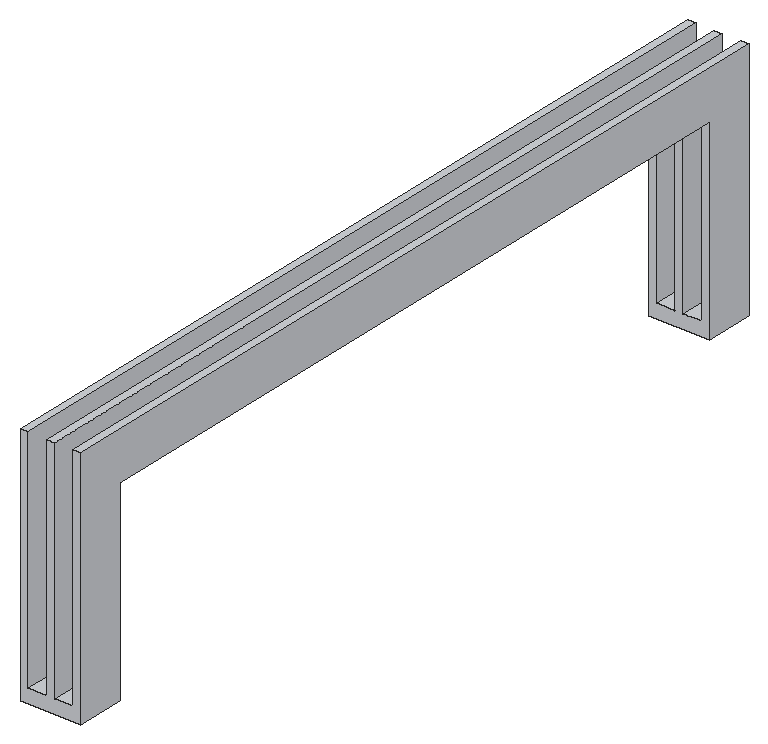
Revit family "LL03_R2016", category Generic Models, Revit 2016
Family settings
  Part Type = Normal
  Can host rebar = No
  Round Connector Dimension = Use Diameter
  OmniClass Number = 23.45.00.00
  OmniClass Title = Sanitary, Laundry, and Cleaning Equipment
  Work Plane-Based = No
  Always vertical = Yes
  Cut with Voids When Loaded = No
  Shared = No
  Room Calculation Point = No
Parameters
  Tube Length [instance] = 990 mm
  Length [instance] = 1200 mm
  Height = 350 mm
Reference planes
  plane 1: z = 0
  plane 2: z = 350
  plane 3: y = -26.341
  plane 4: y = -626.341
  plane 5: y = 573.659
Forms (mm)
  Extrusion 1, solid, not visible
    sketch origin (0, 0, 0) x (1, 0, 0) y (0, 1, 0)
      loop
        line (-495, -20) -> (-495, -31) -> (495, -31) -> (495, -20) -> (-495, -20)
    from 300 to 370
  Extrusion 2, solid, not visible
    sketch origin (0, 0, 0) x (1, 0, 0) y (0, 1, 0)
      loop
        line (-495, -20) -> (-495, -31) -> (495, -31) -> (495, -20) -> (-495, -20)
    from 300 to 370
  Extrusion 3, solid, not visible
    sketch origin (0, -24, 0) x (1, 0, 0) y (0, 1, 0)
      loop
        line (-495, -20) -> (-495, -31) -> (495, -31) -> (495, -20) -> (-495, -20)
    from 300 to 370
  Extrusion 4, solid, not visible
    sketch origin (0, -48, 0) x (1, 0, 0) y (0, 1, 0)
      loop
        line (-495, -20) -> (-495, -31) -> (495, -31) -> (495, -20) -> (-495, -20)
    from 300 to 370
  Extrusion 5, solid, not visible
    sketch origin (0, -72, 0) x (1, 0, 0) y (0, 1, 0)
      loop
        line (-495, -20) -> (-495, -31) -> (495, -31) -> (495, -20) -> (-495, -20)
    from 300 to 370
  Extrusion 6, solid, not visible
    sketch origin (0, -96, 0) x (1, 0, 0) y (0, 1, 0)
      loop
        line (-495, -20) -> (-495, -31) -> (495, -31) -> (495, -20) -> (-495, -20)
    from 300 to 370
  Extrusion 7, solid, not visible
    sketch origin (0, -120, 0) x (1, 0, 0) y (0, 1, 0)
      loop
        line (-495, -20) -> (-495, -31) -> (495, -31) -> (495, -20) -> (-495, -20)
    from 300 to 370
  Extrusion 8, solid, not visible
    sketch origin (0, -144, 0) x (1, 0, 0) y (0, 1, 0)
      loop
        line (-495, -20) -> (-495, -31) -> (495, -31) -> (495, -20) -> (-495, -20)
    from 300 to 370
  Extrusion 9, solid, not visible
    sketch origin (0, -168, 0) x (1, 0, 0) y (0, 1, 0)
      loop
        line (-495, -20) -> (-495, -31) -> (495, -31) -> (495, -20) -> (-495, -20)
    from 300 to 370
  Extrusion 10, solid, not visible
    sketch origin (0, -192, 0) x (1, 0, 0) y (0, 1, 0)
      loop
        line (-495, -20) -> (-495, -31) -> (495, -31) -> (495, -20) -> (-495, -20)
    from 300 to 370
  Extrusion 11, solid, not visible
    sketch origin (0, -216, 0) x (1, 0, 0) y (0, 1, 0)
      loop
        line (-495, -20) -> (-495, -31) -> (495, -31) -> (495, -20) -> (-495, -20)
    from 300 to 370
  Extrusion 12, solid, not visible
    sketch origin (0, -240, 0) x (1, 0, 0) y (0, 1, 0)
      loop
        line (-495, -20) -> (-495, -31) -> (495, -31) -> (495, -20) -> (-495, -20)
    from 300 to 370
  Extrusion 13, solid, not visible
    sketch origin (0, -264, 0) x (1, 0, 0) y (0, 1, 0)
      loop
        line (-495, -20) -> (-495, -31) -> (495, -31) -> (495, -20) -> (-495, -20)
    from 300 to 370
  Extrusion 14, solid, not visible
    sketch origin (0, -288, 0) x (1, 0, 0) y (0, 1, 0)
      loop
        line (-495, -20) -> (-495, -31) -> (495, -31) -> (495, -20) -> (-495, -20)
    from 300 to 370
  Extrusion 15, solid, not visible
    sketch origin (0, -312, 0) x (1, 0, 0) y (0, 1, 0)
      loop
        line (-495, -20) -> (-495, -31) -> (495, -31) -> (495, -20) -> (-495, -20)
    from 300 to 370
  Extrusion 16, solid
    sketch origin (0, 0, 0) x (0, 1, 0) y (0, 0, 1)
      loop
        line (573.659, 0) -> (573.659, 350) -> (-626.341, 350) -> (-626.341, 0) -> (-556.341, 0) -> (-556.341, 280) -> (503.659, 280) -> (503.659, 0) -> (573.659, 0)
    from 0 to 11
  Extrusion 17, solid
    sketch origin (38, 0, 0) x (0, 1, 0) y (0, 0, 1)
      loop
        line (573.659, 0) -> (573.659, 350) -> (-626.341, 350) -> (-626.341, 0) -> (-556.341, 0) -> (-556.341, 280) -> (503.659, 280) -> (503.659, 0) -> (573.659, 0)
    from 0 to 11
  Extrusion 18, solid
    sketch origin (76, 0, 0) x (0, 1, 0) y (0, 0, 1)
      loop
        line (573.659, 0) -> (573.659, 350) -> (-626.341, 350) -> (-626.341, 0) -> (-556.341, 0) -> (-556.341, 280) -> (503.659, 280) -> (503.659, 0) -> (573.659, 0)
    from 0 to 11
  Extrusion 19, solid
    sketch origin (0, 0, 0) x (1, 0, 0) y (0, 1, 0)
      loop
        line (0, -626.341) -> (87, -626.341) -> (87, -556.341) -> (0, -556.341) -> (0, -626.341)
      loop
        line (0, 503.659) -> (87, 503.659) -> (87, 573.659) -> (0, 573.659) -> (0, 503.659)
    from 0 to 20
Cuts and joins
  joined: Extrusion 16, Extrusion 17, Extrusion 18, Extrusion 19
Lines and regions (mm)
  reference lines
    curve 1: line (0, 665.378, 280) -> (0, -754.622, 280)
    curve 2: line (0, 503.659, 411.424) -> (0, 503.659, -138.576)
    curve 3: line (0, -556.341, 388.061) -> (0, -556.341, -81.939)
Dimensions and locks
  locked: Extrusion 1 sketch curve to Extrusion 1 sketch curve at 11
  locked: Extrusion 2 sketch curve to Extrusion 2 sketch curve at 11
  locked: Extrusion 3 sketch curve to Extrusion 3 sketch curve at 11
  equal spacing: group 2, group 3, group 4, group 5, group 6, group 7, group 8, group 9, group 10, group 11, group 12, group 13, group 14, group 15  (x2)
  equal spacing: group 15, group 14, group 13, group 12, group 11, group 10, group 9, group 8, group 7, group 6, group 5, group 4, group 3, group 2
  locked: Extrusion 4 sketch curve to Extrusion 4 sketch curve at 11
  locked: Extrusion 5 sketch curve to Extrusion 5 sketch curve at 11
  locked: Extrusion 6 sketch curve to Extrusion 6 sketch curve at 11
  locked: Extrusion 7 sketch curve to Extrusion 7 sketch curve at 11
  locked: Extrusion 8 sketch curve to Extrusion 8 sketch curve at 11
  locked: Extrusion 9 sketch curve to Extrusion 9 sketch curve at 11
  locked: Extrusion 10 sketch curve to Extrusion 10 sketch curve at 11
  locked: Extrusion 11 sketch curve to Extrusion 11 sketch curve at 11
  locked: Extrusion 12 sketch curve to Extrusion 12 sketch curve at 11
  locked: Extrusion 13 sketch curve to Extrusion 13 sketch curve at 11
  locked: Extrusion 14 sketch curve to Extrusion 14 sketch curve at 11
  locked: Extrusion 15 sketch curve to Extrusion 15 sketch curve at 11
  "Height": plane 2 to level
  equal spacing: plane 5, plane 3, plane 4
  "Length": plane 5 to plane 4
  locked: plane 2 to curve 1 at 70
  locked: curve 3 to plane 4 at 70
  locked: plane 5 to curve 2 at 70
  aligned and locked: level to plane 1
  aligned and locked: Extrusion 16 sketch curve to plane 2
  aligned and locked: Extrusion 16 sketch curve to plane 4
  aligned and locked: level to Extrusion 16 sketch curve  (x2)
  aligned and locked: Extrusion 16 sketch curve to curve 3
  aligned and locked: Extrusion 16 sketch curve to curve 1
  aligned and locked: curve 2 to Extrusion 16 sketch curve
  aligned and locked: Extrusion 16 sketch curve to plane 5
  aligned and locked: Extrusion 19 sketch curve to Extrusion 16  (x6)
Automatic sketch dimensions
  Extrusion 1 sketch curve to Extrusion 1 sketch curve = 990 mm
  Extrusion 2 sketch curve to Extrusion 2 sketch curve = 990 mm
  Extrusion 3 sketch curve to Extrusion 3 sketch curve = 990 mm
  Extrusion 4 sketch curve to Extrusion 4 sketch curve = 990 mm
  Extrusion 5 sketch curve to Extrusion 5 sketch curve = 990 mm
  Extrusion 6 sketch curve to Extrusion 6 sketch curve = 990 mm
  Extrusion 7 sketch curve to Extrusion 7 sketch curve = 990 mm
  Extrusion 8 sketch curve to Extrusion 8 sketch curve = 990 mm
  Extrusion 9 sketch curve to Extrusion 9 sketch curve = 990 mm
  Extrusion 10 sketch curve to Extrusion 10 sketch curve = 990 mm
  Extrusion 11 sketch curve to Extrusion 11 sketch curve = 990 mm
  Extrusion 12 sketch curve to Extrusion 12 sketch curve = 990 mm
  Extrusion 13 sketch curve to Extrusion 13 sketch curve = 990 mm
  Extrusion 14 sketch curve to Extrusion 14 sketch curve = 990 mm
  Extrusion 15 sketch curve to Extrusion 15 sketch curve = 990 mm
  plane 4 to curve 1 = 128.281 mm
  curve 1 to plane 5 = 91.719 mm
  curve 3 to level = 81.939 mm
  curve 2 to level = 138.576 mm
  plane 2 to curve 3 = 38.061 mm
  plane 2 to curve 2 = 61.424 mm
  Extrusion 17 sketch curve to level = 0 mm  (x2)
  Extrusion 17 sketch curve to plane 4 = 0 mm
  Extrusion 17 sketch curve to plane 2 = 0 mm
  Extrusion 17 sketch curve to plane 5 = 0 mm
  Extrusion 17 sketch curve to plane 4 = 70 mm
  Extrusion 17 sketch curve to Extrusion 17 sketch curve = 70 mm
  Extrusion 17 sketch curve to plane 2 = 70 mm
  Extrusion 18 sketch curve to level = 0 mm  (x2)
  Extrusion 18 sketch curve to plane 4 = 0 mm
  Extrusion 18 sketch curve to plane 2 = 0 mm
  Extrusion 18 sketch curve to plane 5 = 0 mm
  Extrusion 18 sketch curve to plane 4 = 70 mm
  Extrusion 18 sketch curve to Extrusion 18 sketch curve = 70 mm
  Extrusion 18 sketch curve to plane 2 = 70 mm
  Extrusion 19 sketch curve to Extrusion 19 sketch curve = 87 mm  (x2)
